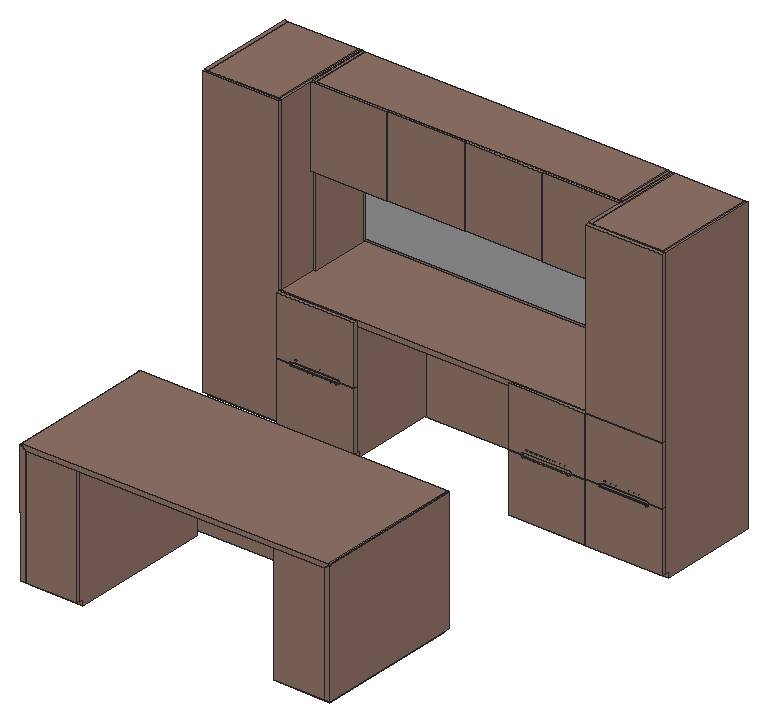
Revit family "OFS TYPICAL T100001", category Furniture, Revit 2022 (continued)
Definition of nested family "OFS SLATE DESKS"
  Definition of nested family "OFS_Slate Private Office_Desks Full Modesty"
    Forms (in)
      Revolve 22, solid, material <- "Glides", visible <- "Type 0"
        sketch origin (-2.66143, -25.86145, 47.24409) x (-1, 0, 0) y (0, 0, 1)
          loop
            line (53.65777, -46.79409) -> (53.65777, -47.24409) -> (53.90777, -47.24409)
            arc (53.90777, -47.24409) -> (54.03546, -47.13447) -> (53.94644, -46.99165) r 0.12918
            line (53.94644, -46.99165) -> (53.90777, -46.99165) -> (53.90777, -46.79409) -> (53.65777, -46.79409)
          axis (53.65777, -46.79409) -> (53.65777, -47.24409)
        angle from 0 to 360
      Revolve 23, solid, material <- "Glides", visible <- "Type 0"
        sketch origin (-4.87838, -25.86145, 47.24409) x (-1, 0, 0) y (0, 0, 1)
          loop
            line (44.43957, -46.79409) -> (44.18957, -46.79409) -> (44.18957, -46.99165) -> (44.15089, -46.99165)
            arc (44.15089, -46.99165) -> (44.06187, -47.13447) -> (44.18957, -47.24409) r 0.12918
            line (44.18957, -47.24409) -> (44.43957, -47.24409) -> (44.43957, -46.79409)
          axis (44.43957, -46.79409) -> (44.43957, -47.24409)
        angle from 0 to 360
      Extrusion 24, solid, material <- "Case", visible <- "Type 0"
        sketch origin (-20.71864, -60, 0.45) x (-1, 0, 0) y (0, -1, 0)
          loop
            line (37.34386, -59.25) -> (37.34386, -57.75) -> (35.84385, -57.75) -> (35.84385, -59.25) -> (37.34386, -59.25)
          loop
            line (28.34386, -59.25) -> (28.34386, -57.75) -> (26.84386, -57.75) -> (26.84386, -59.25) -> (28.34386, -59.25)
        from 0 to 1.5
      Extrusion 25, solid, material <- "Drawers", visible <- "Type 0"
        sketch origin (-52.8125, -34.55325, 47.24409) x (0, -1, 0) y (0, 0, 1)
          loop
            line (-5.80325, -18.10659) -> (-6.55325, -18.10659) -> (-6.55325, -31.76284) -> (-5.80325, -31.76284) -> (-5.80325, -18.10659)
          loop
            line (-5.80325, -45.5441) -> (-5.80325, -31.88784) -> (-6.55325, -31.88784) -> (-6.55325, -45.5441) -> (-5.80325, -45.5441)
        from -7.4375 to 7.4375
      Sweep 26, solid, material <- "Case", visible <- "Type 0"
        path origin (-20.71864, -60, 0.45) x (-1, 0, 0) y (0, -1, 0)
          loop
            line (38.09386, -60) -> (38.09386, -32.875) -> (26.09386, -32.875) -> (26.09386, -60)
        profile origin (-52.8125, -27.125, 0.45) x (0, 1, 0) y (0, 0, 1)
          loop
            line (0, 0) -> (0.75, 0) -> (0.75, 1.25) -> (0, 1.25) -> (0, 0)
      Extrusion 27, solid, material <- "Case", visible <- "Type 0"
        sketch origin (70.11422, -60, 1.7) x (0, -1, 0) y (-1, 0, 0)
          loop
            line (-60, 128.92672) -> (-60, 128.17672) -> (-32, 128.17672) -> (-32, 128.92672) -> (-60, 128.92672)
          loop
            line (-32, 117.67672) -> (-60, 117.67672) -> (-60, 116.92672) -> (-32, 116.92672) -> (-32, 117.67672)
        from 0 to -27.5
      Extrusion 28, solid, material <- "Back Panel", visible <- "Type 0"
        sketch origin (-20.71864, -60, 0.45) x (-1, 0, 0) y (0, -1, 0)
          loop
            line (38.21886, -61.1875) -> (38.21886, -60) -> (-20.71864, -60) -> (-20.71864, -61.1875) -> (38.21886, -61.1875)
        from 1.25 to 28.875
      Extrusion 29, solid, material <- "Case", visible <- "Type 0"
        sketch origin (-20.71864, -60, 0.45) x (-1, 0, 0) y (0, -1, 0)
          loop
            line (37.34386, -60) -> (37.34386, -59.25) -> (26.84386, -59.25) -> (26.84386, -60) -> (37.34386, -60)
        from 0 to 28.75
      Extrusion 30, solid, material <- "Panel", visible <- "Type 0"
        sketch origin (-4, -34.55325, 47.24409) x (0, -1, 0) y (0, 0, 1)
          loop
            line (-34.55325, -18.04409) -> (-34.55325, -19.2316) -> (-5.74075, -19.2316) -> (-5.74075, -18.04409) -> (-34.55325, -18.04409)
        from 0 to 20
      Extrusion 31, solid, material <- "Panel", visible <- "Type 0"
        sketch origin (-63.76383, -28.8125, 47.24409) x (-1, 0, 0) y (0, 0, 1)
          loop
            line (-3.76383, -45.5441) -> (-3.76383, -17.15837)
            arc (-3.76383, -17.15837) -> (-3.841, -17.04289) -> (-3.97722, -17.06998) r 0.125
            line (-3.97722, -17.06998) -> (-4.95133, -18.04409) -> (-4.95133, -45.5441) -> (-3.76383, -45.5441)
        from 0 to 28.8125
      Extrusion 32, solid, material <- "Panel", visible <- "Type 0"
        sketch origin (-63.76383, -28.8125, 47.24409) x (-1, 0, 0) y (0, 0, 1)
          loop
            line (-63.76383, -18.04409) -> (-4.95133, -18.04409) -> (-3.97722, -17.06998)
            arc (-3.97722, -17.06998) -> (-3.95013, -16.93376) -> (-4.06561, -16.85659) r 0.125
            line (-4.06561, -16.85659) -> (-63.76383, -16.85659) -> (-63.76383, -18.04409)
        from 0 to 28.8125
      Revolve 33, solid, material <- "Glides", visible <- "Type 0"
        sketch origin (-1.6269, -2.95105, 47.24409) x (-1, 0, 0) y (0, 0, 1)
          loop
            line (0.3731, -46.79409) -> (0.3731, -47.24409) -> (0.6231, -47.24409)
            arc (0.6231, -47.24409) -> (0.75079, -47.13447) -> (0.66177, -46.99165) r 0.12918
            line (0.66177, -46.99165) -> (0.6231, -46.99165) -> (0.6231, -46.79409) -> (0.3731, -46.79409)
          axis (0.3731, -46.79409) -> (0.3731, -47.24409)
        angle from 0 to 360
      Revolve 34, solid, material <- "Glides", visible <- "Type 0"
        sketch origin (-3.76383, -25.86145, 47.24409) x (-1, 0, 0) y (0, 0, 1)
          loop
            line (-1.76383, -46.79409) -> (-1.76383, -47.24409) -> (-1.51383, -47.24409)
            arc (-1.51383, -47.24409) -> (-1.38614, -47.13447) -> (-1.47516, -46.99165) r 0.12918
            line (-1.47516, -46.99165) -> (-1.51383, -46.99165) -> (-1.51383, -46.79409) -> (-1.76383, -46.79409)
          axis (-1.76383, -46.79409) -> (-1.76383, -47.24409)
        angle from 0 to 360
      Extrusion 35, solid, material <- "Case", visible <- "Type 0"
        sketch origin (-20.71864, -60, 0.45) x (-1, 0, 0) y (0, -1, 0)
          loop
            line (-16.71864, -59.25) -> (-16.71864, -31.9375) -> (-17.46864, -31.9375) -> (-17.46864, -59.25) -> (-16.71864, -59.25)
          loop
            line (-19.96864, -31.9375) -> (-20.71864, -31.9375) -> (-20.71864, -59.25) -> (-19.96864, -59.25) -> (-19.96864, -31.9375)
        from 0 to 28.75
      Extrusion 36, solid, material <- "Case", visible <- "Type 0"
        sketch origin (-20.71864, -60, 0.45) x (-1, 0, 0) y (0, -1, 0)
          loop
            line (-16.71864, -60) -> (-16.71864, -59.25) -> (-17.46864, -59.25) -> (-17.46864, -31.9375) -> (-16.71864, -31.9375) -> (-16.71864, -31.1875) -> (-20.71864, -31.1875) -> (-20.71864, -31.9375) -> (-19.96864, -31.9375) -> (-19.96864, -59.25) -> (-20.71864, -59.25) -> (-20.71864, -60) -> (-16.71864, -60)
        from 0 to 28.75
      Sweep 37, void
        path origin (63.76383, -28.8125, 47.24409) x (1, 0, 0) y (0, 0, -1)
          loop
            arc (-8.57393, 31.01358) -> (-7.76216, 31.82534) -> (-8.57393, 32.63711) r 0.81176
            line (-8.57393, 32.63711) -> (-13.32874, 32.63711)
            arc (-13.32874, 32.63711) -> (-14.1405, 31.82534) -> (-13.32874, 31.01358) r 0.81176
            line (-13.32874, 31.01358) -> (-8.57393, 31.01358)
        profile origin (52.8125, -28.8125, 16.23051) x (0, 0, 1) y (0, 1, 0)
          loop
            line (-0.74926, 0) -> (-0.24927, 0) -> (-0.24927, 0.11016)
            arc (-0.24927, 0.11016) -> (-0.22929, 0.16818) -> (-0.17782, 0.2016) r 0.09424
            arc (-0.17782, 0.2016) -> (-0.00461, 0.45362) -> (-0.23364, 0.65625) r 0.23075
            line (-0.23364, 0.65625) -> (-0.74926, 0.65625) -> (-0.74926, 0)
      Sweep 38, void
        path origin (-63.76383, -28.8125, 47.24409) x (-1, 0, 0) y (0, 0, 1)
          loop
            line (-7.07393, -31.01358) -> (-14.82874, -31.01358)
            arc (-14.82874, -31.01358) -> (-15.64051, -31.82534) -> (-14.82874, -32.63711) r 0.81176
            line (-14.82874, -32.63711) -> (-7.07393, -32.63711)
            arc (-7.07393, -32.63711) -> (-6.26216, -31.82534) -> (-7.07393, -31.01358) r 0.81176
        profile origin (-52.8125, -28.8125, 16.23051) x (0, 0, -1) y (0, 1, 0)
          loop
            line (0.74926, 0) -> (0.74926, 0.65625) -> (0.23364, 0.65625)
            arc (0.23364, 0.65625) -> (0.00461, 0.45362) -> (0.17782, 0.2016) r 0.23075
            arc (0.17782, 0.2016) -> (0.22929, 0.16818) -> (0.24927, 0.11016) r 0.09424
            line (0.24927, 0.11016) -> (0.24927, 0) -> (0.74926, 0)
      Extrusion 39, solid, material <- "Doors", visible <- "Door"
        sketch origin (52.8125, -34.55325, 47.24409) x (0, -1, 0) y (0, 0, -1)
          loop
            line (-6.55325, 18.10659) -> (-5.80325, 18.10659) -> (-5.80325, 45.5441) -> (-6.55325, 45.5441) -> (-6.55325, 18.10659)
        from -5.9375 to 5.9375
      Extrusion 40, solid, material <- "Doors", visible <- "Door"
        sketch origin (7.1875, -34.55325, 47.24409) x (0, -1, 0) y (0, 0, 1)
          loop
            line (-6.55325, -18.10659) -> (-6.55325, -45.5441) -> (-5.80325, -45.5441) -> (-5.80325, -18.10659) -> (-6.55325, -18.10659)
        from -5.9375 to 5.9375
      Extrusion 41, solid, material <- "Case", visible <- "Type 1"
        sketch origin (-3.76383, -25.86145, 47.24409) x (-1, 0, 0) y (0, 0, 1)
          loop
            line (-6.45133, -46.79409) -> (-6.45133, -45.29409) -> (-15.45133, -45.29409) -> (-15.45133, -46.79409) -> (-6.45133, -46.79409)
          loop
            line (-52.07633, -46.79409) -> (-52.07633, -45.29409) -> (-61.07633, -45.29409) -> (-61.07633, -46.79409) -> (-52.07633, -46.79409)
        from -0.51355 to 0.48645
      Extrusion 42, solid, material <- "Case", visible <- "Type 0"
        sketch origin (-3.76383, -25.86145, 47.24409) x (-1, 0, 0) y (0, 0, 1)
          loop
            line (53.54867, -45.5441) -> (44.54867, -45.5441) -> (44.54867, -46.79409) -> (53.54867, -46.79409) -> (53.54867, -45.5441)
        from -0.51355 to 0.48645
    Cuts and joins
      Sweep 16, Sweep 37, Sweep 38 cuts Extrusion 14
      Sweep 37, Sweep 38 cuts Extrusion 15
      joined: Extrusion 14, Extrusion 15
      joined: Revolve 1, Revolve 2, Revolve 3, Revolve 4, Revolve 5, Revolve 6, Revolve 7, Revolve 8
      joined: Sweep 10, Sweep 11, Extrusion 13
      joined: Sweep 26, Extrusion 27
      Sweep 38 cuts Extrusion 25
    Lines and regions (in)
      Masking region 1, visible <- "Type 1"
        outline origin (70.11422, -60, 30.3875) x (0, -1, 0) y (1, 0, 0)
          loop
            line (-61.1875, -69.05172) -> (-60, -69.05172) -> (-60, -70.11422) -> (-31.1875, -70.11422) -> (-31.1875, -10.11422) -> (-60, -10.11422) -> (-60, -11.17672) -> (-61.1875, -11.17672) -> (-61.1875, -69.05172)
      Masking region 2, visible <- "Type 0"
        outline origin (70.11422, -60, 30.3875) x (0, -1, 0) y (1, 0, 0)
          loop
            line (-61.1875, -129.05172) -> (-60, -129.05172) -> (-60, -130.11422) -> (-31.1875, -130.11422) -> (-31.1875, -70.11422) -> (-61.1875, -70.11422) -> (-61.1875, -129.05172)
      reference lines, visible <- "Type 1"
        curve 1: line (60, -28.8125, 0.45) -> (60, 0, 0.45)
      reference lines, visible <- "Type 0"
        curve 2: line (-60, -28.8125, 0.45) -> (-60, 0, 0.45)
    Dimensions and locks (in)
      "Width": plane 3 "Center (Left/Right)" to plane 4
      equal spacing: plane 3 "Center (Left/Right)", plane 5, plane 4
      plane 7 to plane 6 to plane 1 "Center (Front/Back)" to plane 17 = 0' - 0.62544" locked, 0' - 0 3/4" locked, 0' - 1 3/16" locked
      "Depth": plane 17 to plane 12
      plane 8 to plane 31 to plane 10 to plane 9 to plane 11 to plane 12 = 0' - 0.48645" locked, 0' - 0.51355" locked, 0' - 0 3/4" locked, 0' - 0 7/8" locked, 0' - 0 13/16" locked
      locked: Extrusion 17 sketch curve to plane 3 "Center (Left/Right)" at 0.125
      locked: plane 27 to Extrusion 17 sketch curve at 0.30178  (x2)
      locked: plane 4 to Extrusion 17 sketch curve at 0.125
      locked: Extrusion 18 sketch curve to plane 3 "Center (Left/Right)" at 0.30178
      locked: plane 4 to Extrusion 18 sketch curve at 0.30178
      "Width": plane 42 to plane 3 "Center (Left/Right)"
      locked: plane 42 to Extrusion 32 sketch curve at 0.30178
      locked: plane 43 to plane 3 "Center (Left/Right)" at 4
      locked: Extrusion 36 sketch curve to plane 12 at 0.75
      plane 3 "Center (Left/Right)" to plane 13 to plane 14 to plane 45 to plane 32 = 0' - 1 1/16" locked, 0' - 0 1/8" locked, 0' - 0 1/16" locked, 0' - 0 11/16" locked
      plane 15 to plane 46 to plane 16 = 0' - 0 11/16" locked, 0' - 0 1/16" locked
      "Length": plane 14 to plane 16
      plane 21 to plane 47 to plane 20 = 0' - 0 1/16" locked, 0' - 0 11/16" locked
      plane 34 to plane 48 to plane 19 to plane 18 to plane 4 = 0' - 0 11/16" locked, 0' - 0 1/16" locked, 0' - 0 1/8" locked, 0' - 1 1/16" locked
      "Length": plane 21 to plane 19
      equal spacing: plane 14, plane 33, plane 16
      equal spacing: plane 21, plane 35, plane 19
      Sweep 38 sketch curve to plane 41 to Sweep 38 sketch curve = 0' - 3.87741" locked, 0' - 3.87741" locked
      plane 42 to plane 36 to plane 37 to plane 49 to plane 40 = 0' - 1 1/16" locked, 0' - 0 1/8" locked, 0' - 0 1/16" locked, 0' - 0 11/16" locked
      plane 38 to plane 50 to plane 39 = 0' - 0 11/16" locked, 0' - 0 1/16" locked
      "Length": plane 37 to plane 39
      equal spacing: plane 37, plane 41, plane 39
      locked: Extrusion 41 sketch curve to plane 21 at 1.5
      locked: plane 19 to Extrusion 41 sketch curve at 1.5
      locked: plane 14 to Extrusion 41 sketch curve at 1.5
      locked: Extrusion 41 sketch curve to plane 16 at 1.5
      locked: plane 37 to Extrusion 42 sketch curve at 1.5
      locked: Extrusion 42 sketch curve to plane 39 at 1.5
      locked: plane 13 to Extrusion 17 sketch curve (angle 45.00°)
      locked: Extrusion 17 sketch curve to plane 19 (angle 45.00°)
      aligned and locked: level to plane 2
      aligned and locked: plane 24 to Extrusion 9
      aligned and locked: plane 1 "Center (Front/Back)" to Sweep 10 sketch curve  (x2)
      aligned and locked: plane 14 to Sweep 10 sketch curve
      aligned and locked: Sweep 10 sketch curve to plane 16
      aligned and locked: plane 9 to Sweep 10 sketch curve
      aligned and locked: plane 1 "Center (Front/Back)" to Sweep 11 sketch curve  (x2)
      aligned and locked: plane 21 to Sweep 11 sketch curve
      aligned and locked: Sweep 11 sketch curve to plane 19
      aligned and locked: Sweep 11 sketch curve to plane 9
      aligned and locked: Sweep 10 to Extrusion 12 sketch curve  (x2)
      aligned and locked: Extrusion 12 sketch curve to Extrusion 9  (x4)
      aligned and locked: Extrusion 12 sketch curve to Sweep 11
      aligned and locked: Sweep 11 to Extrusion 12 sketch curve
      aligned and locked: Extrusion 12 to plane 30
      aligned and locked: Extrusion 13 sketch curve to Sweep 10  (x3)
      aligned and locked: plane 11 to Extrusion 13 sketch curve  (x4)
      aligned and locked: Extrusion 13 sketch curve to plane 32
      aligned and locked: Extrusion 12 to Extrusion 13 sketch curve  (x2)
      aligned and locked: Extrusion 13 sketch curve to plane 16
      aligned and locked: Extrusion 13 sketch curve to Sweep 11  (x2)
      aligned and locked: Extrusion 13 sketch curve to plane 20
      aligned and locked: Extrusion 13 sketch curve to Extrusion 12
      aligned and locked: plane 19 to Extrusion 13 sketch curve
      aligned and locked: Extrusion 13 to plane 30
      aligned and locked: plane 29 to Extrusion 14 sketch curve
      aligned and locked: Extrusion 13 to Extrusion 14 sketch curve
      aligned and locked: Extrusion 14 sketch curve to Extrusion 13
      aligned and locked: Extrusion 14 sketch curve to plane 26
      aligned and locked: Extrusion 14 sketch curve to plane 25
      aligned and locked: plane 12 to Masking region 1 sketch curve
      aligned and locked: Masking region 1 sketch curve to plane 4
      aligned and locked: plane 3 "Center (Left/Right)" to Masking region 1 sketch curve
      aligned and locked: Masking region 1 sketch curve to plane 17
      aligned and locked: plane 13 to Masking region 1 sketch curve
      aligned and locked: plane 1 "Center (Front/Back)" to Masking region 1 sketch curve  (x2)
      aligned and locked: plane 18 to Masking region 1 sketch curve
      aligned and locked: Extrusion 17 sketch curve to plane 23  (x2)
      aligned and locked: plane 3 "Center (Left/Right)" to Extrusion 17 sketch curve
      aligned and locked: Extrusion 17 sketch curve to Extrusion 13
      aligned and locked: plane 30 to Extrusion 17 sketch curve  (x2)
      aligned and locked: Extrusion 17 sketch curve to plane 4
      aligned and locked: plane 19 to Extrusion 17 sketch curve
      aligned and locked: plane 30 to Extrusion 18 sketch curve
      aligned and locked: plane 27 to Extrusion 18 sketch curve
      aligned and locked: Extrusion 17 to Extrusion 18 sketch curve
      aligned and locked: plane 14 to Extrusion 18 sketch curve
      aligned and locked: Extrusion 18 sketch curve to Extrusion 17
      aligned and locked: Extrusion 18 to plane 1 "Center (Front/Back)"
      aligned and locked: Extrusion 17 to plane 1 "Center (Front/Back)"
      aligned and locked: Extrusion 19 sketch curve to Masking region 1  (x3)
      aligned and locked: Masking region 1 to Extrusion 19 sketch curve
      aligned and locked: plane 23 to Extrusion 19
      aligned and locked: plane 37 to Sweep 26 sketch curve
      aligned and locked: Extrusion 18 to Sweep 26 sketch curve  (x2)
      aligned and locked: Sweep 26 sketch curve to plane 9
      aligned and locked: Extrusion 27 sketch curve to Sweep 26  (x2)
      aligned and locked: plane 40 to Extrusion 27 sketch curve
      aligned and locked: Extrusion 27 sketch curve to plane 38
      aligned and locked: Extrusion 27 to plane 30
      aligned and locked: plane 36 to Extrusion 28 sketch curve
      aligned and locked: Extrusion 17 to Extrusion 28 sketch curve
      aligned and locked: Extrusion 28 sketch curve to Masking region 1
      aligned and locked: plane 28 to Extrusion 28
      aligned and locked: plane 23 to Extrusion 28
      aligned and locked: Sweep 26 to Extrusion 29 sketch curve
      aligned and locked: Extrusion 29 sketch curve to Extrusion 24
      aligned and locked: Extrusion 29 to plane 30
      aligned and locked: Extrusion 30 sketch curve to Extrusion 17
      aligned and locked: Extrusion 30 sketch curve to Extrusion 12
      aligned and locked: plane 12 to Extrusion 30 sketch curve
      aligned and locked: plane 42 to Extrusion 31 sketch curve
      aligned and locked: Extrusion 31 sketch curve to plane 37
      aligned and locked: plane 1 "Center (Front/Back)" to Extrusion 31
      aligned and locked: Extrusion 31 to plane 12
      aligned and locked: plane 3 "Center (Left/Right)" to Extrusion 32 sketch curve
      aligned and locked: Extrusion 18 to Extrusion 32 sketch curve  (x2)
      aligned and locked: Extrusion 32 to plane 12
      aligned and locked: Extrusion 18 to Extrusion 32
      aligned and locked: Extrusion 35 sketch curve to plane 43
      aligned and locked: plane 3 "Center (Left/Right)" to Extrusion 35 sketch curve
      aligned and locked: plane 12 to Extrusion 36 sketch curve
      aligned and locked: Extrusion 36 sketch curve to plane 3 "Center (Left/Right)"
      aligned and locked: Extrusion 36 sketch curve to plane 43
      aligned and locked: Extrusion 36 sketch curve to Extrusion 36 sketch curve
      aligned and locked: curve 2 to plane 42
      aligned and locked: plane 4 to curve 1
      aligned and locked: Extrusion 36 to plane 30
      aligned and locked: Extrusion 35 to plane 30
      aligned and locked: Masking region 2 sketch curve to plane 3 "Center (Left/Right)"
      aligned and locked: plane 12 to Masking region 2 sketch curve
      aligned and locked: Masking region 2 sketch curve to plane 17
      aligned and locked: Masking region 2 sketch curve to plane 42
      aligned and locked: Masking region 2 sketch curve to plane 1 "Center (Front/Back)"
      aligned and locked: plane 36 to Masking region 2 sketch curve
      aligned and locked: Extrusion 39 sketch curve to cut or joined group of Extrusion 14, Extrusion 15, Sweep 16, Sweep 37, Sweep 38  (x2)
      aligned and locked: plane 47 to Extrusion 39
      aligned and locked: plane 48 to Extrusion 39
      aligned and locked: plane 45 to Extrusion 40
      aligned and locked: plane 46 to Extrusion 40
      aligned and locked: plane 47 to Extrusion 15
      aligned and locked: plane 48 to Extrusion 15
      aligned and locked: plane 45 to Extrusion 14
      aligned and locked: plane 46 to Extrusion 14
      aligned and locked: Extrusion 41 to plane 10
      aligned and locked: plane 8 to Extrusion 41
      aligned and locked: Extrusion 42 sketch curve to plane 23
      aligned and locked: plane 22 to Extrusion 42 sketch curve
      aligned and locked: plane 8 to Extrusion 42
      aligned and locked: Extrusion 42 to plane 10
    Automatic sketch dimensions
      Revolve 1 sketch curve to plane 22 = 0' - 0"
      Revolve 1 sketch curve to level = 0' - 0"  (x2)
      Revolve 1 sketch curve to plane 22 = 0' - 0.19756"
      Revolve 1 sketch curve to plane 32 = 0' - 0.35223"
      Revolve 1 sketch curve to Revolve 1 sketch curve = 0' - 0.03868"
      Revolve 1 sketch curve to Revolve 1 sketch curve = 0' - 0"  (x2)
      Revolve 1 sketch curve to Revolve 1 sketch curve = 0' - 0 1/4"
      Revolve 1 sketch curve to level = 0' - 0.086"
      Revolve 2 sketch curve to plane 22 = 0' - 0"
      Revolve 2 sketch curve to level = 0' - 0"  (x2)
      Revolve 2 sketch curve to plane 22 = 0' - 0.19756"
      Revolve 2 sketch curve to plane 15 = 0' - 0.92958"
      Revolve 2 sketch curve to Revolve 2 sketch curve = 0' - 0.03868"
      Revolve 2 sketch curve to Revolve 2 sketch curve = 0' - 0"  (x2)
      Revolve 2 sketch curve to Revolve 2 sketch curve = 0' - 0 1/4"
      Revolve 2 sketch curve to level = 0' - 0.086"
      Revolve 3 sketch curve to plane 22 = 0' - 0"
      Revolve 3 sketch curve to level = 0' - 0"  (x2)
      Revolve 3 sketch curve to plane 32 = 0' - 1.74075"
      Revolve 3 sketch curve to plane 22 = 0' - 0.19756"
      Revolve 3 sketch curve to Revolve 3 sketch curve = 0' - 0 1/4"  (x2)
      Revolve 3 sketch curve to Revolve 3 sketch curve = 0' - 0.03868"
      Revolve 3 sketch curve to Revolve 3 sketch curve = 0' - 0"
      Revolve 3 sketch curve to level = 0' - 0.086"
      Revolve 4 sketch curve to plane 22 = 0' - 0"
      Revolve 4 sketch curve to level = 0' - 0"  (x2)
      Revolve 4 sketch curve to plane 15 = 0' - 1.76198"
      Revolve 4 sketch curve to plane 22 = 0' - 0.19756"
      Revolve 4 sketch curve to Revolve 4 sketch curve = 0' - 0 1/4"  (x2)
      Revolve 4 sketch curve to Revolve 4 sketch curve = 0' - 0.03868"
      Revolve 4 sketch curve to Revolve 4 sketch curve = 0' - 0"
      Revolve 4 sketch curve to level = 0' - 0.086"
      Revolve 5 sketch curve to plane 22 = 0' - 0"
      Revolve 5 sketch curve to level = 0' - 0"  (x2)
      Revolve 5 sketch curve to plane 34 = 0' - 0.6409"
      Revolve 5 sketch curve to plane 22 = 0' - 0.19756"
      Revolve 5 sketch curve to Revolve 5 sketch curve = 0' - 0 1/4"  (x2)
      Revolve 5 sketch curve to Revolve 5 sketch curve = 0' - 0.03868"
      Revolve 5 sketch curve to Revolve 5 sketch curve = 0' - 0"
      Revolve 5 sketch curve to Revolve 5 sketch curve = 0' - 0.086"
      Revolve 6 sketch curve to plane 22 = 0' - 0"
      Revolve 6 sketch curve to level = 0' - 0"  (x2)
      Revolve 6 sketch curve to plane 20 = 0' - 0.6409"
      Revolve 6 sketch curve to plane 22 = 0' - 0.19756"
      Revolve 6 sketch curve to Revolve 6 sketch curve = 0' - 0 1/4"  (x2)
      Revolve 6 sketch curve to Revolve 6 sketch curve = 0' - 0.03868"
      Revolve 6 sketch curve to Revolve 6 sketch curve = 0' - 0"
      Revolve 6 sketch curve to Revolve 6 sketch curve = 0' - 0.086"
      Revolve 7 sketch curve to plane 22 = 0' - 0"
      Revolve 7 sketch curve to level = 0' - 0"  (x2)
      Revolve 7 sketch curve to plane 22 = 0' - 0.19756"
      Revolve 7 sketch curve to plane 34 = 0' - 1.45207"
      Revolve 7 sketch curve to Revolve 7 sketch curve = 0' - 0.03868"
      Revolve 7 sketch curve to Revolve 7 sketch curve = 0' - 0"  (x2)
      Revolve 7 sketch curve to Revolve 7 sketch curve = 0' - 0 1/4"
      Revolve 7 sketch curve to Revolve 7 sketch curve = 0' - 0.086"
      Revolve 8 sketch curve to plane 22 = 0' - 0"
      Revolve 8 sketch curve to level = 0' - 0"  (x2)
      Revolve 8 sketch curve to plane 22 = 0' - 0.19756"
      Revolve 8 sketch curve to plane 20 = 0' - 2.05065"
      Revolve 8 sketch curve to Revolve 8 sketch curve = 0' - 0.03868"
      Revolve 8 sketch curve to Revolve 8 sketch curve = 0' - 0"  (x2)
      Revolve 8 sketch curve to Revolve 8 sketch curve = 0' - 0 1/4"
      Revolve 8 sketch curve to Revolve 8 sketch curve = 0' - 0.086"
      Extrusion 9 sketch curve to plane 34 = 0' - 0"
      Extrusion 9 sketch curve to plane 6 = 0' - 0"  (x4)
      Extrusion 9 sketch curve to plane 20 = 0' - 0"
      Extrusion 9 sketch curve to plane 15 = 0' - 0"
      Extrusion 9 sketch curve to plane 32 = 0' - 0"
      plane 44 to Extrusion 9 sketch curve = 0' - 0.70105"  (x4)
      Extrusion 9 sketch curve to Extrusion 9 sketch curve = 0' - 1 1/2"  (x4)
      Sweep 10 sketch curve to profile plane = 0' - 0"
      Sweep 10 sketch curve to plane 22 = 0' - 0"
      Sweep 10 sketch curve to profile plane = 0' - 0 3/4"
      plane 22 to Sweep 10 sketch curve = 0' - 1 1/4"
      Sweep 11 sketch curve to plane 22 = 0' - 0"
      Sweep 11 sketch curve to profile plane = 0' - 0"
      profile plane to Sweep 11 sketch curve = 0' - 0 3/4"
      Sweep 11 sketch curve to Sweep 11 sketch curve = 0' - 1 1/4"
      Extrusion 14 sketch curve to plane 11 = 0' - 0"
      plane 12 to Extrusion 14 sketch curve = 0' - 0 1/16"  (x2)
      Extrusion 15 sketch curve to plane 11 = 0' - 0"  (x2)
      Extrusion 15 sketch curve to plane 26 = 0' - 0"
      plane 25 to Extrusion 15 sketch curve = 0' - 0"
      plane 23 to Extrusion 15 sketch curve = 0' - 0"
      Extrusion 15 sketch curve to plane 29 = 0' - 0"
      Extrusion 15 sketch curve to plane 12 = 0' - 0 1/16"  (x2)
      plane 26 to Sweep 16 sketch curve = 0' - 0.74926"
      Sweep 16 sketch curve to plane 15 = 0' - 2.87259"
      Sweep 16 sketch curve to plane 32 = 0' - 2.87259"
      Sweep 16 sketch curve to plane 25 = 0' - 0 1/16"
      Sweep 16 sketch curve to plane 12 = 0' - 0"
      Sweep 16 sketch curve to profile plane = 0' - 0.15503"
      Sweep 16 sketch curve to profile plane = 0' - 0.23364"
      Sweep 16 sketch curve to Sweep 16 sketch curve = 0' - 0.09424"
      Sweep 16 sketch curve to Sweep 16 sketch curve = 0' - 0 33/64"
      plane 12 to Sweep 16 sketch curve = 0' - 0.11016"
      Sweep 16 sketch curve to Sweep 16 sketch curve = 0' - 0.31534"
      Sweep 16 sketch curve to Sweep 16 sketch curve = 0' - 0.23075"
      plane 27 to Extrusion 17 sketch curve = 0' - 0.21339"  (x2)
      plane 27 to Extrusion 18 sketch curve = 0' - 0.21339"  (x2)
      Revolve 20 sketch curve to plane 22 = 0' - 0"
      Revolve 20 sketch curve to level = 0' - 0"  (x2)
      Revolve 20 sketch curve to plane 22 = 0' - 0.19756"
      Revolve 20 sketch curve to plane 40 = 0' - 0.35223"
      Revolve 20 sketch curve to Revolve 20 sketch curve = 0' - 0.03868"
      Revolve 20 sketch curve to Revolve 20 sketch curve = 0' - 0"  (x2)
      Revolve 20 sketch curve to Revolve 20 sketch curve = 0' - 0 1/4"
      Revolve 20 sketch curve to level = 0' - 0.086"
      Revolve 21 sketch curve to plane 22 = 0' - 0"
      Revolve 21 sketch curve to level = 0' - 0"  (x2)
      Revolve 21 sketch curve to plane 38 = 0' - 0.6409"
      Revolve 21 sketch curve to plane 22 = 0' - 0.19756"
      Revolve 21 sketch curve to Revolve 21 sketch curve = 0' - 0 1/4"  (x2)
      Revolve 21 sketch curve to Revolve 21 sketch curve = 0' - 0.03868"
      Revolve 21 sketch curve to Revolve 21 sketch curve = 0' - 0"
      Revolve 21 sketch curve to Revolve 21 sketch curve = 0' - 0.086"
      Revolve 22 sketch curve to plane 22 = 0' - 0"
      Revolve 22 sketch curve to level = 0' - 0"  (x2)
      Revolve 22 sketch curve to plane 40 = 0' - 1.74331"
      Revolve 22 sketch curve to plane 22 = 0' - 0.19756"
      Revolve 22 sketch curve to Revolve 22 sketch curve = 0' - 0 1/4"  (x2)
      Revolve 22 sketch curve to Revolve 22 sketch curve = 0' - 0.03868"
      Revolve 22 sketch curve to Revolve 22 sketch curve = 0' - 0"
      Revolve 22 sketch curve to level = 0' - 0.086"
      Revolve 23 sketch curve to plane 22 = 0' - 0"
      Revolve 23 sketch curve to level = 0' - 0"  (x2)
      Revolve 23 sketch curve to plane 22 = 0' - 0.19756"
      Revolve 23 sketch curve to plane 38 = 0' - 1.46678"
      Revolve 23 sketch curve to Revolve 23 sketch curve = 0' - 0.03868"
      Revolve 23 sketch curve to Revolve 23 sketch curve = 0' - 0"  (x2)
      Revolve 23 sketch curve to Revolve 23 sketch curve = 0' - 0 1/4"
      Revolve 23 sketch curve to Revolve 23 sketch curve = 0' - 0.086"
      Extrusion 24 sketch curve to plane 6 = 0' - 0"  (x2)
      Extrusion 24 sketch curve to plane 38 = 0' - 0"
      Extrusion 24 sketch curve to plane 40 = 0' - 0"
      plane 44 to Extrusion 24 sketch curve = 0' - 0.70105"  (x2)
      Extrusion 24 sketch curve to Extrusion 24 sketch curve = 0' - 1 1/2"
      Extrusion 24 sketch curve to plane 40 = 0' - 1 1/2"
      Extrusion 25 sketch curve to plane 11 = 0' - 0"  (x2)
      Extrusion 25 sketch curve to plane 26 = 0' - 0"
      plane 25 to Extrusion 25 sketch curve = 0' - 0"
      plane 23 to Extrusion 25 sketch curve = 0' - 0"
      Extrusion 25 sketch curve to plane 29 = 0' - 0"
      plane 12 to Extrusion 25 sketch curve = 0' - 0 1/16"  (x2)
      Sweep 26 sketch curve to plane 39 = 0' - 0"
      Sweep 26 sketch curve to profile plane = 0' - 0"
      Sweep 26 sketch curve to plane 22 = 0' - 0"
      Sweep 26 sketch curve to profile plane = 0' - 0 3/4"
      Sweep 26 sketch curve to Sweep 26 sketch curve = 0' - 1 1/4"
      Extrusion 27 sketch curve to plane 1 "Center (Front/Back)" = 0' - 0"  (x2)
      Extrusion 27 sketch curve to plane 11 = 0' - 0"  (x2)
      Extrusion 28 sketch curve to plane 17 = 0' - 0"
      Extrusion 29 sketch curve to plane 1 "Center (Front/Back)" = 0' - 0"
      Extrusion 29 sketch curve to plane 6 = 0' - 0"
      Extrusion 30 sketch curve to plane 29 = 0' - 1 1/8"
      Extrusion 31 sketch curve to plane 23 = 0' - 0"
      Extrusion 31 sketch curve to plane 42 = 0' - 0.21339"
      Extrusion 31 sketch curve to Extrusion 31 sketch curve = 0' - 0 1/8"
      Extrusion 31 sketch curve to plane 30 = 0' - 0"
      plane 27 to Extrusion 31 sketch curve = 0' - 0.30178"
      Extrusion 32 sketch curve to plane 37 = 0' - 0"
      Extrusion 32 sketch curve to Extrusion 32 sketch curve = 0' - 0.08839"
      plane 27 to Extrusion 32 sketch curve = 0' - 0.21339"
      Revolve 33 sketch curve to plane 22 = 0' - 0"
      Revolve 33 sketch curve to level = 0' - 0"  (x2)
      Revolve 33 sketch curve to plane 3 "Center (Left/Right)" = 0' - 2"
      Revolve 33 sketch curve to plane 22 = 0' - 0.19756"
      Revolve 33 sketch curve to Revolve 33 sketch curve = 0' - 0 1/4"  (x2)
      Revolve 33 sketch curve to Revolve 33 sketch curve = 0' - 0.03868"
      Revolve 33 sketch curve to Revolve 33 sketch curve = 0' - 0"
      Revolve 33 sketch curve to level = 0' - 0.086"
      Revolve 34 sketch curve to plane 22 = 0' - 0"
      Revolve 34 sketch curve to level = 0' - 0"  (x2)
      Revolve 34 sketch curve to plane 3 "Center (Left/Right)" = 0' - 2"
      Revolve 34 sketch curve to plane 22 = 0' - 0.19756"
      Revolve 34 sketch curve to Revolve 34 sketch curve = 0' - 0 1/4"  (x2)
      Revolve 34 sketch curve to Revolve 34 sketch curve = 0' - 0.03868"
      Revolve 34 sketch curve to Revolve 34 sketch curve = 0' - 0"
      Revolve 34 sketch curve to level = 0' - 0.086"
      Extrusion 35 sketch curve to plane 6 = 0' - 0"  (x2)
      Extrusion 35 sketch curve to Extrusion 35 sketch curve = 0' - 0 3/4"  (x2)
      plane 11 to Extrusion 35 sketch curve = 0' - 0 1/16"  (x2)
      plane 1 "Center (Front/Back)" to Extrusion 36 sketch curve = 0' - 0"
      Extrusion 36 sketch curve to plane 3 "Center (Left/Right)" = 0' - 0"
      Extrusion 36 sketch curve to plane 6 = 0' - 0"  (x2)
      Extrusion 36 sketch curve to plane 43 = 0' - 0"
      Extrusion 36 sketch curve to Extrusion 36 sketch curve = 0' - 0 3/4"
      Extrusion 36 sketch curve to plane 43 = 0' - 0 3/4"
      plane 1 "Center (Front/Back)" to curve 1 = 0' - 0"
      curve 2 to plane 1 "Center (Front/Back)" = 0' - 0"
      curve 2 to plane 12 = 0' - 0"
      curve 1 to plane 12 = 0' - 0"
      plane 26 to Sweep 37 sketch curve = 0' - 0.74926"
      Sweep 37 sketch curve to plane 20 = 0' - 2.87259"
      Sweep 37 sketch curve to plane 34 = 0' - 2.87259"
      Sweep 37 sketch curve to plane 25 = 0' - 0 1/16"
      Sweep 37 sketch curve to plane 12 = 0' - 0"
      profile plane to Sweep 37 sketch curve = 0' - 0.74926"
      profile plane to Sweep 37 sketch curve = 0' - 0.24927"
      profile plane to Sweep 37 sketch curve = 0' - 0.23364"
      Sweep 37 sketch curve to Sweep 37 sketch curve = 0' - 0.09424"
      Sweep 37 sketch curve to Sweep 37 sketch curve = 0' - 0.11016"
      Sweep 37 sketch curve to Sweep 37 sketch curve = 0' - 0.31534"
      Sweep 37 sketch curve to Sweep 37 sketch curve = 0' - 0.23075"
      plane 25 to Sweep 38 sketch curve = 0' - 0.74926"
      Sweep 38 sketch curve to plane 25 = 0' - 0 1/16"
      Sweep 38 sketch curve to plane 12 = 0' - 0"
      Sweep 38 sketch curve to profile plane = 0' - 0.15503"
      Sweep 38 sketch curve to profile plane = 0' - 0.23364"
      Sweep 38 sketch curve to Sweep 38 sketch curve = 0' - 0.09424"
      Sweep 38 sketch curve to Sweep 38 sketch curve = 0' - 0 33/64"
      plane 12 to Sweep 38 sketch curve = 0' - 0.11016"
      Sweep 38 sketch curve to Sweep 38 sketch curve = 0' - 0.31534"
      Sweep 38 sketch curve to Sweep 38 sketch curve = 0' - 0.23075"
      Extrusion 39 sketch curve to plane 11 = 0' - 0"
      Extrusion 39 sketch curve to plane 12 = 0' - 0 1/16"
      Extrusion 40 sketch curve to plane 11 = 0' - 0"
      plane 23 to Extrusion 40 sketch curve = 0' - 0"
      Extrusion 40 sketch curve to plane 29 = 0' - 0"
      plane 12 to Extrusion 40 sketch curve = 0' - 0 1/16"
      Extrusion 41 sketch curve to plane 22 = 0' - 0"  (x2)
      Extrusion 41 sketch curve to plane 24 = 0' - 0"  (x2)
